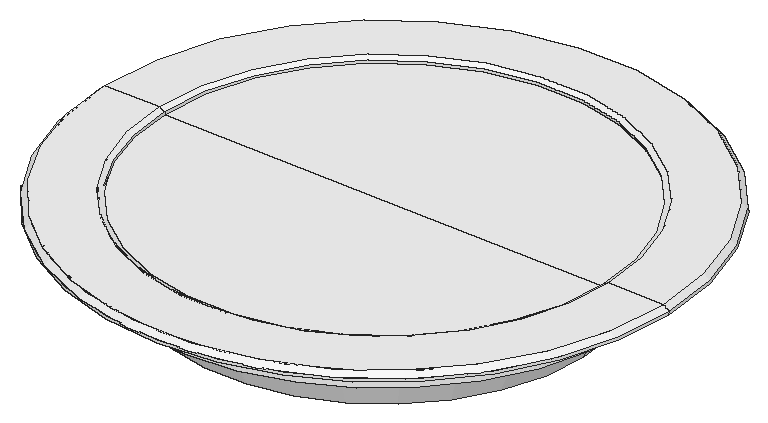
Revit family "0053880 Sylvania Lighting Fixture START eco Downlight Flat 1400lm 840", category Lighting Fixtures, host Face, Revit 2016
Family settings
  Host = Face
  Part Type = Normal
  Round Connector Dimension = Use Diameter
  OmniClass Number = 23.80.70.11.14.11
  OmniClass Title = Downlights
  Cut with Voids When Loaded = No
  Light Source = Yes
  Shared = No
  Room Calculation Point = No
Parameters (values of type "0053880 START eco Downlight Flat 1400lm 840 ")
  Weight = "5.616 kg"
  Wattage Comments = "n/a"
  Wattage = 18 W
  WarrantyStartDate [instance] = "n/a"
  WarrantyGuarantorParts = "n/a"
  WarrantyDurationUnit = "year"
  WarrantyDurationParts = "n/a"
  WarrantyDescription = "n/a"
  built-in parameter 1150110 = 1 (stored number, unit not read)
  Voltage = 230 V
  URL = "http://www.sylvania-lighting.com"
  TypeName = "START eco Downlight Flat 1400lm 840"
  Type Image = <None>
  Type Comments = "n/a"
  built-in parameter 1114217 = 1 (stored number, unit not read)
  Tilt Angle = -90.00°
  built-in parameter 1150109 = 1 (stored number, unit not read)
  built-in parameter 1150134 = 12
  built-in parameter 1150113 = 1 (stored number, unit not read)
  SerialNumber [instance] = "n/a"
  ReflectorMaterial = none
  RecessedHeight_FEILO = 27 mm
  RecessedDiameter_FEILO = 200 mm
  PowerFactor = 0
  PowerConsumption = "18 W"
  Photometric Web File = "0053880.ies"
  NominalLength = 220 mm
  NominalHeight = 27 mm
  NominalDepth = 220 mm
  Name = "START eco Downlight Flat 1400lm 840"
  ModelReference = Name  # "START eco Downlight Flat 1400lm 840"
  ModelNumber = "0053880"
  Model = Name  # "START eco Downlight Flat 1400lm 840"
  Material = "Polycarbonate"
  ManufacturerName = "Feilo Sylvania"
  Manufacturer = "Feilo Sylvania"
  LuminousEfficacy = "83 lm/W"
  built-in parameter 1150105 = 516.29 (stored number, unit not read)
  Lumens = 1494 lm
  LuminaireType = "LED recessed downlight"
  built-in parameter 1150115 = 1 (stored number, unit not read)
  LightOutputRatio = "1"
  built-in parameter 1150137 = (empty or 0)
  built-in parameter 1150139 = (empty or 0)
  LampsType = Lamp  # "LED"
  LampNominalLuminous = "1500 lm"
  LampMacAdamStep = "5"
  LampColourTemperature = "3000 K"
  LampColourRenderingIndex = "80"
  built-in parameter 1150112 = 1 (stored number, unit not read)
  built-in parameter 1150114 = 1 (stored number, unit not read)
  Lamp = "LED"
  Keynote = "16500"
  InstallationDate [instance] = "n/a"
  InputVoltage = "220-240V~"
  InputNominalFrequency = "50/60 Hz"
  built-in parameter 1150132 = (empty or 0)
  built-in parameter 1150102 = (empty or 0)
  built-in parameter 1150107 = 4000 (stored number, unit not read)
  built-in parameter 1150138 = (empty or 0)
  IngressProtection = "IP20"
  ImpactProtectionIndex = "IK06"
  built-in parameter 1150106 = 5.1629 (stored number, unit not read)
  IfcExportType = "IfcLightFixtureType"
  IfcExportAs = "IfcLightFixtureType"
  ExpectedLife = 50000
  Emit from Circle Diameter = BodyLength_FEILO - 48 mm  # 180 mm
  Emit Shape Visible in Rendering = no
  ElectricShockClassification = "Class II"
  built-in parameter 1150104 = 7.711 (stored number, unit not read)
  DurationUnit = "hours"
  DocumentationLiterature = "http://www.sylvania-lighting.com/product/en-int/products/0053880"
  DimmingControlOptions = "Non dimmable"
  Dimming Lamp Color Temperature Shift = <None>
  DiffuserMaterial = Diffuser-Sylvania-Glow
  Description = "Integrated round recessed 220mm diameter LED downlight providing uniform distribution with an opal diffuser, 110° beam angle, 1500LM, 18W, 83lm/W, 4000K, CRI80, non-dimmable, IP20, IK06, 25,000hrs (L70)"
  Default Elevation = 1219.2 mm
  CutoutHeight_FEILO = RecessedHeight_FEILO + 10 mm  # 37 mm
  CreatedOn = "'03-11-2017"
  CreatedBy = "aron.fodor@feilosylvania.com"
  Cost = 0
  Color Filter = 16777215
  built-in parameter 1114216 [instance] = (empty or 0)
  ClassificationValue = "EF_70_80"
  ClassificationName = "Uniclass2015"
  BodyWidth_FEILO = BodyLength_FEILO  # 228 mm
  BodyMaterial = Body-Sylvania-SylFlatDimmable-White
  BodyLength_FEILO = 228 mm
  BarCode [instance] = "n/a"
  built-in parameter 1114218 = 1 (stored number, unit not read)
  built-in parameter 1150133 = 10 (stored number, unit not read)
  AssetType = "Fixed"
  AssetIdentifier [instance] = "n/a"
  Assembly Code = "D5020200"
  Apparent Load = 0 VA
  AccessoryMaterial = Diffuser-Sylvania-Glow
Reference planes
  plane 1 "Center (Front/Back)": y = 0
  plane 2: z = 0
  plane 3 "Center (Left/Right)": x = 0
  plane 4: x = 114
  plane 5: x = -114
  plane 6: y = 114
  plane 7: y = -114
  plane 8: z = 3
  plane 9: z = -27
  plane 10: x = 100
  plane 11: x = -100
  plane 12: y = 100
  plane 13: y = -100
  plane 14: z = 2
  plane 15: x = -90
  plane 16: z = -27
  plane 17: z = -37
  plane 18: x = -80
  plane 19: z = -10
  plane 20: z = 1
  plane 21: x = -112
  plane 22: x = -88
Forms (mm)
  Revolve 1, void
    sketch origin (0, 0, 0) x (1, 0, 0) y (0, 0, 1)
      loop
        line (0, 0) -> (-100, 0) -> (-100, -37) -> (0, -37) -> (0, 0)
      axis (0, 0) -> (0, -37)
    angle from 360 to 0
  Revolve 2, solid, material "Body-Sylvania-SylFlatDimmable-White" <- "BodyMaterial"
    sketch origin (0, 0, 0) x (1, 0, 0) y (0, 0, 1)
      loop
        line (0, 1) -> (-88, 1) -> (-88, 2) -> (-90, 3) -> (-112, 3) -> (-114, 1) -> (-114, 0) -> (-100, 0) -> (-100, -10) -> (-90, -10) -> (-80, -27) -> (0, -27) -> (0, 1)
      axis (0, 3) -> (0, -27)
    angle from 360 to 0
Dimensions and locks
  equal spacing: plane 5, plane 3 "Center (Left/Right)", plane 4
  equal spacing: plane 7, plane 1 "Center (Front/Back)", plane 6
  "BodyWidth_FEILO": plane 7 to plane 6
  "BodyLength_FEILO": plane 5 to plane 4
  locked: plane 8 to plane 2 at 3
  equal spacing: plane 11, plane 3 "Center (Left/Right)", plane 10
  "RecessedDiameter_FEILO": plane 11 to plane 10
  equal spacing: plane 13, plane 1 "Center (Front/Back)", plane 12
  "RecessedDiameter_FEILO": plane 13 to plane 12
  locked: plane 14 to plane 2 at 2
  locked: plane 15 to plane 5 at 24
  "RecessedHeight_FEILO": plane 2 to plane 16
  "CutoutHeight_FEILO": plane 2 to plane 17
  locked: plane 18 to plane 15 at 10
  locked: plane 2 to plane 19 at 10
  locked: plane 20 to plane 2 at 1
  locked: plane 21 to plane 5 at 2
  locked: plane 22 to plane 15 at 2
  aligned and locked: plane 2 to host face
  aligned and locked: level to host face
  aligned and locked: Revolve 1 sketch curve to plane 3 "Center (Left/Right)"
  aligned and locked: plane 17 to Revolve 1 sketch curve
  aligned and locked: plane 3 "Center (Left/Right)" to Revolve 1 sketch curve
  aligned and locked: Revolve 1 sketch curve to plane 11
  aligned and locked: level to Revolve 1 sketch curve
  aligned and locked: Revolve 2 sketch curve to plane 8
  aligned and locked: plane 5 to Revolve 2 sketch curve
  aligned and locked: Revolve 2 sketch curve to level
  aligned and locked: Revolve 2 sketch curve to plane 11
  aligned and locked: plane 19 to Revolve 2 sketch curve
  aligned and locked: plane 9 to Revolve 2 sketch curve
  aligned and locked: plane 3 "Center (Left/Right)" to Revolve 2 sketch curve
  aligned and locked: Revolve 2 sketch curve to plane 3 "Center (Left/Right)"
  aligned and locked: plane 3 "Center (Left/Right)" to imposter light
  aligned and locked: imposter light to plane 14
  aligned and locked: imposter light to plane 1 "Center (Front/Back)"
  aligned and locked: Revolve 2 sketch curve to plane 20
  aligned and locked: plane 22 to Revolve 2 sketch curve
Automatic sketch dimensions
  host sketch curve to host sketch curve = 2438.4 mm  (x2)
  plane 17 to Revolve 1 sketch curve = 577.6 mm
  Revolve 1 sketch curve to plane 8 = 2606.058 mm
  Revolve 2 sketch curve to plane 21 = 0 mm
  Revolve 2 sketch curve to plane 15 = 0 mm  (x2)
  Revolve 2 sketch curve to plane 14 = 0 mm
  Revolve 2 sketch curve to plane 18 = 0 mm
  Revolve 2 sketch curve to plane 20 = 0 mm
  plane 17 to Revolve 2 sketch curve = 572.6 mm
  Revolve 2 sketch curve to plane 8 = 2606.058 mm
Connectors
  electrical at (0, 0, 0), driven by "Apparent Load", driven by "PowerFactor", driven by "Voltage"
    settings: index 1, voltage 230 V, apparent load 0 VA, apparent load phase1 0 VA, apparent load phase2 0 VA, apparent load phase3 0 VA, power factor 0, load classification "Lighting", number of poles 1, system type 30, power factor state 1, is connector primary yes, connector utility no, sub classification motor no, connector description ""
